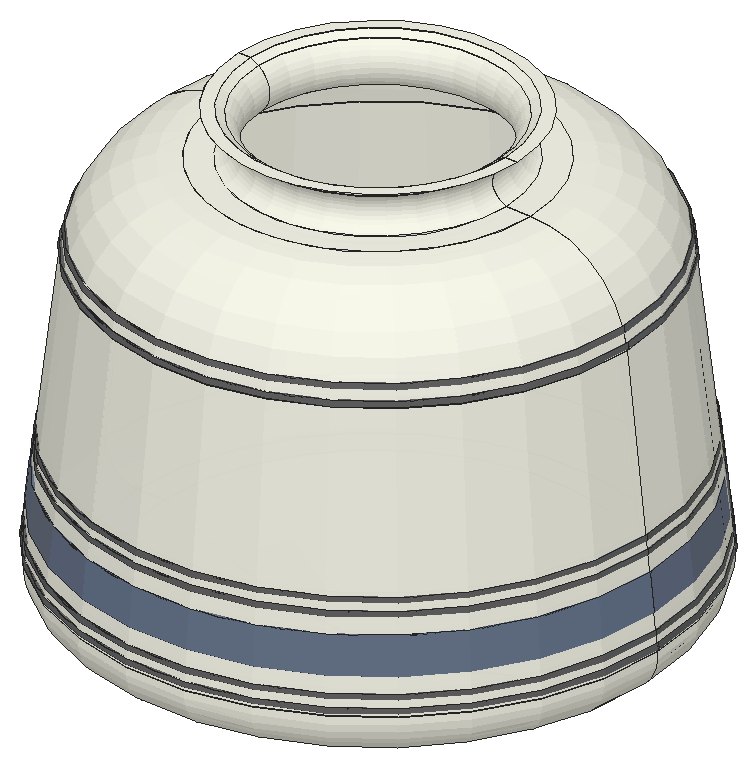
Revit family "PSBL", category Generic Models, Revit 2024
Family settings
  Can host rebar = No
  Round Connector Dimension = Use Diameter
  Part Type = Normal
  Work Plane-Based = No
  Always vertical = Yes
  Cut with Voids When Loaded = No
  Maintain Annotation Orientation = No
  Shared = No
  Room Calculation Point = No
Parameters
  Default Elevation = 0' - 0"
Reference planes (in)
  plane 1 "Center (Front/Back)": y = 0
  plane 2: z = 0
  plane 3 "Center (Left/Right)": x = 0
Forms (in)
  Revolve 1, solid, material "OPAL"
    sketch origin (0, 0, 0) x (1, 0, 0) y (0, 0, 1)
      loop
        line (1.76538, 29.45198) -> (2, 29.60027) -> (1.82452, 29.60027) -> (1.7153, 29.53123)
        arc (1.7153, 29.53123) -> (1.55417, 29.16929) -> (1.82648, 28.88152) r 0.35695
        line (1.82648, 28.88152) -> (2.18674, 28.88152)
        arc (2.18674, 28.88152) -> (3.0499, 28.55278) -> (3.47569, 27.73313) r 1.29755
        line (3.47569, 27.73313) -> (3.90631, 24.01222)
        arc (3.90631, 24.01222) -> (3.79213, 23.65117) -> (3.4466, 23.49625) r 0.46277
        line (3.4466, 23.49625) -> (3.05449, 23.49625)
        arc (3.05449, 23.49625) -> (1.58253, 22.87796) -> (0, 22.66695) r 6.03982
        line (0, 22.66695) -> (0, 22.5732)
        arc (0, 22.5732) -> (1.59477, 22.78415) -> (3.07984, 23.4025) r 6.13357
        line (3.07984, 23.4025) -> (3.4466, 23.4025)
        arc (3.4466, 23.4025) -> (3.86213, 23.58881) -> (3.99943, 24.023) r 0.55652
        line (3.99943, 24.023) -> (3.56882, 27.74391)
        arc (3.56882, 27.74391) -> (3.11227, 28.62278) -> (2.18674, 28.97527) r 1.3913
        line (2.18674, 28.97527) -> (1.83787, 28.97527)
        arc (1.83787, 28.97527) -> (1.64579, 29.18993) -> (1.76538, 29.45198) r 0.2632
      axis (0, 29.60027) -> (0, 22.5732)
    angle from 0 to 360
  Revolve 2, solid
    sketch origin (0, 0, 0) x (1, 0, 0) y (0, 0, 1)
      loop
        arc (3.58279, 27.76327) -> (3.57723, 27.80183) -> (3.57059, 27.84022) r 1.3913
        line (3.57059, 27.84022) -> (3.47508, 27.84022)
        arc (3.47508, 27.84022) -> (3.48222, 27.80184) -> (3.48819, 27.76327) r 1.29755
        line (3.48819, 27.76327) -> (3.58279, 27.76327)
      loop
        line (4.01109, 24.06353) -> (4.00218, 24.14048) -> (3.90781, 24.14048) -> (3.91671, 24.06353) -> (4.01109, 24.06353)
      loop
        arc (3.41732, 28.04142) -> (3.43106, 28.00315) -> (3.44359, 27.96447) r 1.29755
        line (3.44359, 27.96447) -> (3.54135, 27.96447)
        arc (3.54135, 27.96447) -> (3.52975, 28.00312) -> (3.51703, 28.04142) r 1.3913
        line (3.51703, 28.04142) -> (3.41732, 28.04142)
      loop
        line (3.75273, 25.48053) -> (3.76163, 25.40358) -> (3.85601, 25.40358) -> (3.8471, 25.48053) -> (3.75273, 25.48053)
      loop
        line (3.77255, 25.30925) -> (3.78145, 25.2323) -> (3.87583, 25.2323) -> (3.86692, 25.30925) -> (3.77255, 25.30925)
      loop
        line (3.88799, 24.31176) -> (3.89689, 24.23481) -> (3.99127, 24.23481) -> (3.98236, 24.31176) -> (3.88799, 24.31176)
      loop
        line (3.80534, 25.02592) -> (3.8641, 24.51814) -> (3.95848, 24.51814) -> (3.89971, 25.02592) -> (3.80534, 25.02592)
      axis (0, 28.04142) -> (0, 24.06353)
    angle from 0 to 360
Dimensions and locks (in)
  aligned and locked: plane 2 to level
